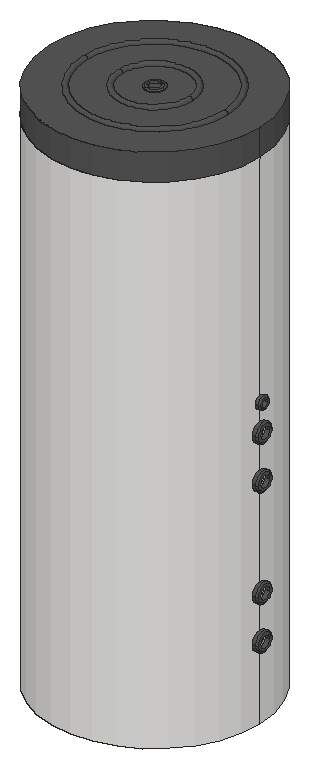
Revit family "S-tank_Solar_SS", category Оборудование, Revit 2019
Family settings
  Размер круглого соединителя = Использовать диаметр
  Классификация = Нет
  Тип детали = Нормальный
  На основе рабочей плоскости = Нет
  Всегда вертикально = Да
  При загрузке вырезать с полостями = Нет
  Общий = Нет
  Точка расчета площади = Нет
Parameters (values of type "SS Solar 300")
  Разработка семейств = "https://rubim.tech/"
  Диаметрcизоляцией = 630 mm
  shrf = 17.5 mm
  rd [instance] = Диаметрcизоляцией / 2  # 315 mm
  a = Диаметрcизоляцией / 6  # 105 mm
  M = 1345 mm
  I = 1223 mm
  H = 1600 mm
  E = 865 mm
  DN2 = 15 mm
  DN1 = 25 mm
  D = 785 mm
  C = 655 mm
  B = 355 mm
  ADSK_Примечание [instance] = ""
  ADSK_Позиция [instance] = ""
  ADSK_Обозначение = "SSSolar 300"
  ADSK_Наименование краткое [instance] = "БКН"
  ADSK_Наименование = "Бойлер косвенного нагрева"
  ADSK_Масса_Текст [instance] = ""
  ADSK_Масса = 70
  ADSK_Марка = "SS Solar 300"
  ADSK_Количество [instance] = 1  # constant formula
  ADSK_Код изделия = "2.0003"
  ADSK_Завод-изготовитель = "ООО “С-ТЭНК ВОТЕР ХИТЕРС”"
  ADSK_Единица измерения = "шт."  # constant formula
  ADSK_Группирование = "Оборудование"
  ADSK_URL документации изделия = "http://s-tank.ru/solar-ss/"
  A = 225 mm
Types (10, lengths in mm): name | Диаметрcизоляцией | rd | a | M | H | E | D | C | B | ADSK_Обозначение | ADSK_Масса | ADSK_Марка | ADSK_Код изделия | A
  SS Solar 150 | 630 | 315 | 105 | 755 | 945 | 635 | 560 | 450 | 320 | "SSSolar 150" | 51 | "SS Solar 150" | "2.0001" | 210
  SS Solar 200 | 630 | 315 | 105 | 1030 | 1220 | 715 | 640 | 520 | 340 | "SSSolar 200" | 58 | "SS Solar 200" | "2.0002" | 220
  SS Solar 300 | 630 | 315 | 105 | 1345 | 1600 | 865 | 785 | 655 | 355 | "SSSolar 300" | 70 | "SS Solar 300" | "2.0003" | 225
  SS Solar 500 | 780 | 390 | 130 | 1340 | 1605 | 820 | 740 | 610 | 350 | "SSSolar 500" | 93 | "SS Solar 500" | "2.0004" | 220
  SS Solar 750 | 920 | 460 | 153.333 | 1330 | 1630 | 740 | 660 | 530 | 340 | "SSSolar 750" | 114 | "SS Solar 750" | "2.0005" | 210
  SS Solar 1000 | 920 | 460 | 153.333 | 1915 | 2205 | 920 | 800 | 610 | 390 | "SSSolar 1000" | 145 | "SS Solar 1000" | "2.0006" | 200
  SS Solar 1200 | 1080 | 540 | 180 | 1630 | 2020 | 925 | 830 | 670 | 460 | "SSSolar 1200" | 185 | "SS Solar 1200" | "2.0007" | 300
  SS Solar 1500 | 1080 | 540 | 180 | 1980 | 2370 | 1090 | 970 | 780 | 490 | "SSSolar 1500" | 214 | "SS Solar 1500" | "2.0008" | 300
  SS Solar 2000 | 1350 | 675 | 225 | 1715 | 2100 | 1160 | 1065 | 905 | 545 | "SSSolar 2000" | 260 | "SS Solar 2000" | "2.0009" | 385
  SS Solar 3000 | 1740 | 870 | 290 | 1748 | 2210 | 1203 | 1108 | 918 | 608 | "SSSolar 3000" | 0 | "SS Solar 3000" | "2.0010" | 418
Reference planes
  plane 1 "По центру (Вперед/Назад)": y = 0
  plane 2: z = 0
  plane 3 "По центру (Влево/Вправо)": x = 0
  plane 4: z = 225
  plane 5: z = 355
  plane 6: z = 655
  plane 7: z = 785
  plane 8: z = 1600
  plane 9: x = 315
  plane 10: x = -315
  plane 11: x = 105
  plane 12: x = 210
  plane 13: y = -315
  plane 14: y = 315
  plane 15: z = 865
  plane 16: z = 1345
Forms (mm)
  Extrusion 1, solid, material "RB_Серая порошковая"
    sketch origin (0, 0, 0) x (1, 0, 0) y (0, 1, 0)
      loop
        circle (0, 0) r 315
    from 0 to 1520
  Extrusion 2, solid, material "RB_Черный пластик"
    sketch origin (0, 0, 0) x (1, 0, 0) y (0, 1, 0)
      loop
        circle (0, 0) r 315
    from 1520 to 1600
  Revolve 3, solid, material "RB_Черный пластик"
    sketch origin (0, 0, 0) x (1, 0, 0) y (0, 0, 1)
      loop
        line (97.5, 1600) -> (112.5, 1600)
        arc (112.5, 1600) -> (105, 1607.5) -> (97.5, 1600) r 7.5
      loop
        line (202.5, 1600) -> (217.5, 1600)
        arc (217.5, 1600) -> (210, 1607.5) -> (202.5, 1600) r 7.5
      axis (0, 1600) -> (0, 1601)
    angle from 0 to 360
  Extrusion 4, solid, material "Пластик синий", not visible
    sketch origin (-10, 0, 0) x (1, 0, 0) y (0, 0, 1)
      loop
        arc (-214.477, 2447.343) -> (-231.977, 2440.094) -> (-239.226, 2422.594) r 24.749
        line (-239.226, 2422.594) -> (-239.226, 2312.833)
        arc (-239.226, 2312.833) -> (-231.977, 2295.333) -> (-214.477, 2288.085) r 24.749
        line (-214.477, 2288.085) -> (236.536, 2288.085)
        arc (236.536, 2288.085) -> (254.036, 2295.333) -> (261.285, 2312.833) r 24.749
        line (261.285, 2312.833) -> (261.285, 2420.032)
        arc (261.285, 2420.032) -> (253.285, 2439.344) -> (233.974, 2447.343) r 27.311
        line (233.974, 2447.343) -> (-214.477, 2447.343)
      loop
        arc (-214.477, 2439.053) -> (-226.115, 2434.232) -> (-230.936, 2422.594) r 16.459
        line (-230.936, 2422.594) -> (-230.936, 2331.316) -> (252.994, 2331.316) -> (252.994, 2420.032)
        arc (252.994, 2420.032) -> (247.423, 2433.482) -> (233.974, 2439.053) r 19.021
        line (233.974, 2439.053) -> (-214.477, 2439.053)
      loop
        line (-115.968, 2397.309) -> (-115.968, 2379.809) -> (-65.968, 2379.809) -> (-65.968, 2397.309) -> (-115.968, 2397.309)
      loop
        line (-35.422, 2407.249) -> (-35.422, 2351.314) -> (-17.922, 2351.314) -> (-17.922, 2407.249) -> (3.349, 2407.249) -> (10.977, 2424.749) -> (-55.778, 2424.749) -> (-55.778, 2407.249) -> (-35.422, 2407.249)
      loop
        line (-4.413, 2351.314) -> (16.363, 2351.314) -> (21.205, 2358.883) -> (45.502, 2358.883) -> (45.502, 2351.314) -> (63.002, 2351.314) -> (63.002, 2377.816) -> (33.319, 2377.816) -> (45.396, 2396.692) -> (45.396, 2384.046) -> (62.896, 2384.046) -> (62.896, 2407.227)
        arc (62.896, 2407.227) -> (56.009, 2420.523) -> (41.176, 2422.567) r 16.277
        line (41.176, 2422.567) -> (-4.413, 2351.314)
      loop
        line (86.328, 2400.911) -> (116.793, 2357.872)
        arc (116.793, 2357.872) -> (128.592, 2352.604) -> (138.978, 2360.291) r 12.812
        line (138.978, 2360.291) -> (138.978, 2425.291) -> (121.478, 2425.291) -> (121.478, 2377.488) -> (92.799, 2417.763)
        arc (92.799, 2417.763) -> (79.669, 2423.404) -> (68.828, 2414.092) r 13.5
        line (68.828, 2414.092) -> (68.828, 2351.314) -> (86.328, 2351.314) -> (86.328, 2400.911)
      loop
        line (148.978, 2425.291) -> (148.978, 2351.314) -> (166.478, 2351.314) -> (166.478, 2387.9) -> (192.095, 2351.314) -> (210.407, 2351.314) -> (181.682, 2392.337) -> (202.618, 2425.291) -> (184.847, 2425.291) -> (166.478, 2396.377) -> (166.478, 2425.291) -> (148.978, 2425.291)
    from 759.938 to 875
  Extrusion 5, solid, material "Пластик красный", not visible
    sketch origin (-10, 0, 0) x (1, 0, 0) y (0, 0, 1)
      loop
        line (-183.191, 2407.249) -> (-125.538, 2407.249)
        arc (-125.538, 2407.249) -> (-123.959, 2408.615) -> (-124.451, 2410.643) r 2.004
        line (-124.451, 2410.643) -> (-138.593, 2424.749) -> (-178.435, 2424.749)
        arc (-178.435, 2424.749) -> (-183.852, 2416.825) -> (-183.191, 2407.249) r 14.627
      loop
        line (-178.104, 2401.129) -> (-146.323, 2368.814) -> (-182.715, 2368.814)
        arc (-182.715, 2368.814) -> (-184.77, 2366.956) -> (-184.098, 2364.267) r 2.693
        line (-184.098, 2364.267) -> (-171.109, 2351.314) -> (-128.051, 2351.314)
        arc (-128.051, 2351.314) -> (-118.918, 2357.483) -> (-121.231, 2368.259) r 9.845
        line (-121.231, 2368.259) -> (-153.559, 2401.129) -> (-178.104, 2401.129)
    from -875 to 875
Lines and regions (mm)
  reference lines
    curve 1: line (315, 0, 51.978) -> (315, 0, -48.022)
    curve 2: line (-315, 0, 51.978) -> (-315, 0, -88.022)
Dimensions and locks
  "H": plane 8 to plane 2
  "D": plane 7 to plane 2
  "C": plane 6 to plane 2
  "B": plane 5 to plane 2
  "A": plane 4 to plane 2
  "Диаметрcизоляцией": plane 9 to plane 10
  equal spacing: plane 9, plane 3 "По центру (Влево/Вправо)", plane 10
  "a": plane 11 to plane 3 "По центру (Влево/Вправо)"
  "a": plane 12 to plane 11
  equal spacing: Revolve 3 sketch curve, plane 11, Revolve 3 sketch curve
  equal spacing: Revolve 3 sketch curve, plane 12, Revolve 3 sketch curve
  Revolve 3 sketch curve to Revolve 3 sketch curve = 15 mm  (x2)
  "shrf": Extrusion 4 sketch curve to Extrusion 4 sketch curve  (x11)
  Extrusion 4 sketch curve to Extrusion 4 sketch curve = 15 mm  (x2)
  "shrf": Extrusion 5 sketch curve to Extrusion 5 sketch curve  (x3)
  equal spacing: plane 14, plane 1 "По центру (Вперед/Назад)", plane 13
  "Диаметрcизоляцией": plane 14 to plane 13
  locked: Extrusion 2 to plane 8 at 80
  "E": plane 15 to level
  "M": plane 16 to level
  "Диаметрcизоляцией": diameter of Extrusion 1 sketch curve
  "Диаметрcизоляцией": diameter of Extrusion 2 sketch curve
  aligned and locked: level to plane 2
  aligned and locked: Extrusion 4 sketch curve to Extrusion 4 sketch curve  (x3)
  aligned and locked: Extrusion 4 to Extrusion 5 sketch curve
  aligned and locked: Extrusion 5 sketch curve to Extrusion 4
  aligned and locked: nested 1 to plane 1 "По центру (Вперед/Назад)"
  aligned and locked: nested 2 to plane 4
  aligned and locked: nested 1 to plane 5
  aligned and locked: nested 4 to plane 6
  aligned and locked: nested 3 to plane 7
  aligned and locked: curve 1 to nested 3
  aligned and locked: curve 1 to nested 4
  aligned and locked: curve 1 to nested 1
  aligned and locked: curve 1 to nested 2
  aligned and locked: curve 1 to plane 9
  aligned and locked: nested 5 to plane 1 "По центру (Вперед/Назад)"
  aligned and locked: nested 5 to plane 8
  aligned and locked: Extrusion 2 to plane 8
  aligned and locked: Extrusion 1 to Extrusion 2
  aligned and locked: plane 15 to nested 6
  aligned and locked: curve 1 to nested 6
  aligned and locked: nested 7 to plane 16
  aligned and locked: curve 2 to nested 7
  aligned and locked: curve 2 to plane 10
  aligned and locked: curve 2 to nested 8
  aligned and locked: plane 4 to nested 8
Automatic sketch dimensions
  Extrusion 4 sketch curve to Extrusion 4 sketch curve = 0 mm  (x12)
  Extrusion 4 sketch curve to Extrusion 4 sketch curve = 8.29 mm
  Extrusion 4 sketch curve to Extrusion 4 sketch curve = 16.459 mm  (x3)
  Extrusion 4 sketch curve to Extrusion 4 sketch curve = 98.509 mm
  Extrusion 4 sketch curve to Extrusion 4 sketch curve = 50 mm
  Extrusion 4 sketch curve to Extrusion 4 sketch curve = 10.19 mm
  Extrusion 4 sketch curve to Extrusion 4 sketch curve = 20.356 mm
  Extrusion 4 sketch curve to Extrusion 4 sketch curve = 13.509 mm
  Extrusion 4 sketch curve to Extrusion 4 sketch curve = 4.843 mm
  Extrusion 4 sketch curve to Extrusion 4 sketch curve = 12.113 mm
  Extrusion 4 sketch curve to Extrusion 4 sketch curve = 30.199 mm
  Extrusion 4 sketch curve to Extrusion 4 sketch curve = 12.078 mm
  Extrusion 4 sketch curve to Extrusion 4 sketch curve = 12.183 mm
  Extrusion 4 sketch curve to Extrusion 4 sketch curve = 1.223 mm
  Extrusion 4 sketch curve to Extrusion 4 sketch curve = 5.932 mm
  Extrusion 4 sketch curve to Extrusion 4 sketch curve = 4.616 mm
  Extrusion 4 sketch curve to Extrusion 4 sketch curve = 11.087 mm
  Extrusion 4 sketch curve to Extrusion 4 sketch curve = 30.465 mm
  Extrusion 4 sketch curve to Extrusion 4 sketch curve = 4.684 mm
  Extrusion 4 sketch curve to Extrusion 4 sketch curve = 11.775 mm
  Extrusion 4 sketch curve to Extrusion 4 sketch curve = 10 mm
  Extrusion 4 sketch curve to Extrusion 4 sketch curve = 15.205 mm
  Extrusion 4 sketch curve to Extrusion 4 sketch curve = 18.369 mm
  Extrusion 4 sketch curve to Extrusion 4 sketch curve = 25.618 mm
  Extrusion 4 sketch curve to Extrusion 4 sketch curve = 17.771 mm
  Extrusion 4 sketch curve to Extrusion 4 sketch curve = 18.312 mm
  Extrusion 4 sketch curve to Extrusion 4 sketch curve = 31.356 mm
  Extrusion 4 sketch curve to Extrusion 4 sketch curve = 18.483 mm
  Extrusion 4 sketch curve to Extrusion 4 sketch curve = 38.481 mm
  Extrusion 4 sketch curve to Extrusion 4 sketch curve = 6.557 mm
  Extrusion 4 sketch curve to Extrusion 4 sketch curve = 8.977 mm
  Extrusion 4 sketch curve to Extrusion 4 sketch curve = 12.148 mm
  Extrusion 4 sketch curve to Extrusion 4 sketch curve = 28.495 mm
  Extrusion 4 sketch curve to Extrusion 4 sketch curve = 12.647 mm
  Extrusion 4 sketch curve to Extrusion 4 sketch curve = 6.316 mm
  Extrusion 4 sketch curve to Extrusion 4 sketch curve = 15.318 mm
  Extrusion 4 sketch curve to Extrusion 4 sketch curve = 9.148 mm
  Extrusion 4 sketch curve to Extrusion 4 sketch curve = 6.865 mm
  Extrusion 4 sketch curve to Extrusion 4 sketch curve = 5.259 mm
  Extrusion 4 sketch curve to Extrusion 4 sketch curve = 28.915 mm
  Extrusion 5 sketch curve to Extrusion 5 sketch curve = 0.908 mm
  Extrusion 5 sketch curve to Extrusion 5 sketch curve = 1.383 mm
  Extrusion 5 sketch curve to Extrusion 5 sketch curve = 1.904 mm
  Extrusion 5 sketch curve to Extrusion 5 sketch curve = 4.756 mm
  Extrusion 5 sketch curve to Extrusion 5 sketch curve = 5.086 mm
  Extrusion 5 sketch curve to Extrusion 5 sketch curve = 12.989 mm
  Extrusion 5 sketch curve to Extrusion 5 sketch curve = 8.698 mm
  Extrusion 5 sketch curve to Extrusion 5 sketch curve = 16.177 mm
  Extrusion 5 sketch curve to Extrusion 5 sketch curve = 24.787 mm
  Extrusion 5 sketch curve to Extrusion 5 sketch curve = 14.966 mm
  Extrusion 5 sketch curve to Extrusion 5 sketch curve = 18.272 mm
  Extrusion 5 sketch curve to Extrusion 5 sketch curve = 12.725 mm
  Extrusion 5 sketch curve to Extrusion 5 sketch curve = 0.33 mm
  Extrusion 5 sketch curve to Extrusion 5 sketch curve = 1.417 mm
  Extrusion 5 sketch curve to Extrusion 5 sketch curve = 6.82 mm
  Extrusion 5 sketch curve to Extrusion 5 sketch curve = 4.547 mm
  Extrusion 5 sketch curve to Extrusion 5 sketch curve = 1.977 mm
  Extrusion 4 sketch curve to Extrusion 4 sketch curve = 21.271 mm
  Extrusion 4 sketch curve to Extrusion 4 sketch curve = 7.628 mm
  Extrusion 4 sketch curve to Extrusion 4 sketch curve = 20.775 mm
  Extrusion 4 sketch curve to Extrusion 4 sketch curve = 26.129 mm
  Revolve 3 sketch curve to plane 3 "По центру (Влево/Вправо)" = 0 mm
  Revolve 3 sketch curve to plane 8 = 0 mm  (x2)
  Revolve 3 sketch curve to plane 8 = 100 mm
  Revolve 3 sketch curve to Revolve 3 sketch curve = 220 mm
  curve 2 to level = 88.022 mm
  curve 1 to level = 48.022 mm
  level to curve 2 = 51.978 mm
  level to curve 1 = 51.978 mm
  plane 1 "По центру (Вперед/Назад)" to Extrusion 1 sketch curve = 0 mm
  Extrusion 1 sketch curve to plane 3 "По центру (Влево/Вправо)" = 0 mm
  plane 1 "По центру (Вперед/Назад)" to Extrusion 2 sketch curve = 0 mm
  Extrusion 2 sketch curve to plane 3 "По центру (Влево/Вправо)" = 0 mm
Nested families
  nested 1: "патрубок" at (315, 0, 355) x (0, 1, 0) z (0, 0, 1), DN <- "DN1", type "патрубок"
    with ВР no, L2 15 mm, L1 30 mm, Dv 35.5 mm, Dtv 29.5 mm, Dt 33.5 mm, Dn 56.8 mm, DN 25 mm
  nested 2: "патрубок" at (315, 0, 225) x (0, 1, 0) z (0, 0, 1), DN <- "DN1", type "патрубок"
    with ВР no, L2 15 mm, L1 30 mm, Dv 35.5 mm, Dtv 29.5 mm, Dt 33.5 mm, Dn 56.8 mm, DN 25 mm
  nested 3: "патрубок" at (315, 0, 785) x (0, 1, 0) z (0, 0, 1), DN <- "DN1", type "патрубок"
    with ВР no, L2 15 mm, L1 30 mm, Dv 35.5 mm, Dtv 29.5 mm, Dt 33.5 mm, Dn 56.8 mm, DN 25 mm
  nested 4: "патрубок" at (315, 0, 655) x (0, 1, 0) z (0, 0, 1), DN <- "DN1", type "патрубок"
    with ВР no, L2 15 mm, L1 30 mm, Dv 35.5 mm, Dtv 29.5 mm, Dt 33.5 mm, Dn 56.8 mm, DN 25 mm
  nested 5: "патрубок" at (0, 0, 1589.119) x (1, 0, 0) z (0, 1, 0), DN <- "DN1", type "патрубок"
    with ВР no, L2 15 mm, L1 30 mm, Dv 35.5 mm, Dtv 29.5 mm, Dt 33.5 mm, Dn 56.8 mm, DN 25 mm
  nested 6: "патрубок" at (315, 0, 865) x (0, 1, 0) z (0, 0, 1), DN <- "DN2", type "патрубок"
    with ВР no, L2 15 mm, L1 30 mm, Dv 23.3 mm, Dtv 17.3 mm, Dt 21.3 mm, Dn 37.28 mm, DN 15 mm
  nested 7: "патрубок" at (-315, 0, 1345) x (0, 1, 0) z (0, 0, 1), DN <- "DN2", type "патрубок"
    with ВР no, L2 15 mm, L1 30 mm, Dv 23.3 mm, Dtv 17.3 mm, Dt 21.3 mm, Dn 37.28 mm, DN 15 mm
  nested 8: "патрубок" at (-315, 0, 225) x (0, 1, 0) z (0, 0, 1), type "патрубок"
    with ВР no, L2 15 mm, L1 30 mm, Dv 62 mm, Dtv 56 mm, Dt 60 mm, Dn 99.2 mm, DN 50 mm
Connectors
  piping at (0, 0, 1589.119), diameter 25, driven by "DN1"
    settings: on nested 5, index 21, connector inside diameter 609.6 mm, connector length 0 mm, flow factor 0, pipe flow 0.0 L/s, pressure drop 0.0 Pa, fitting loss kfactor 0, connector angle 0.00°, fixture units 0, engagement length 0 mm, angle of deflection 0.00°, flow configuration 0, flow direction 2, fitting loss method 0, system type 7, joint type 0, gender type 0, connector reference index -1, connector utility 0, adjustable connector no, is connector primary yes, connector description ""
  piping at (315, 0, 225), diameter 25, driven by "DN1"
    settings: on nested 2, index 22, connector inside diameter 609.6 mm, connector length 0 mm, flow factor 0, pipe flow 0.0 L/s, pressure drop 0.0 Pa, fitting loss kfactor 0, connector angle 0.00°, fixture units 0, engagement length 0 mm, angle of deflection 0.00°, flow configuration 0, flow direction 1, fitting loss method 0, system type 20, joint type 0, gender type 0, connector reference index -1, connector utility 0, adjustable connector no, is connector primary no, connector description ""
  piping at (315, 0, 355), diameter 25, driven by "DN1"
    settings: on nested 1, index 23, connector inside diameter 609.6 mm, connector length 0 mm, flow factor 0, pipe flow 0.0 L/s, pressure drop 0.0 Pa, fitting loss kfactor 0, connector angle 0.00°, fixture units 0, engagement length 0 mm, angle of deflection 0.00°, flow configuration 0, flow direction 2, fitting loss method 0, system type 8, joint type 0, gender type 0, connector reference index -1, connector utility 0, adjustable connector no, is connector primary no, connector description ""
  piping at (315, 0, 655), diameter 25, driven by "DN1"
    settings: on nested 4, index 24, connector inside diameter 609.6 mm, connector length 0 mm, flow factor 0, pipe flow 0.0 L/s, pressure drop 0.0 Pa, fitting loss kfactor 0, connector angle 0.00°, fixture units 0, engagement length 0 mm, angle of deflection 0.00°, flow configuration 0, flow direction 1, fitting loss method 0, system type 19, joint type 0, gender type 0, connector reference index -1, connector utility 0, adjustable connector no, is connector primary no, connector description ""
  piping at (315, 0, 785), diameter 25, driven by "DN1"
    settings: on nested 3, index 25, connector inside diameter 609.6 mm, connector length 0 mm, flow factor 0, pipe flow 0.0 L/s, pressure drop 0.0 Pa, fitting loss kfactor 0, connector angle 0.00°, fixture units 0, engagement length 0 mm, angle of deflection 0.00°, flow configuration 0, flow direction 1, fitting loss method 0, system type 7, joint type 0, gender type 0, connector reference index -1, connector utility 0, adjustable connector no, is connector primary no, connector description ""
  piping at (315, 0, 865), diameter 15, driven by "DN2"
    settings: on nested 6, index 26, connector inside diameter 609.6 mm, connector length 0 mm, flow factor 0, pipe flow 0.0 L/s, pressure drop 0.0 Pa, fitting loss kfactor 0, connector angle 0.00°, fixture units 0, engagement length 0 mm, angle of deflection 0.00°, flow configuration 0, flow direction 0, fitting loss method 0, system type 29, joint type 0, gender type 0, connector reference index -1, connector utility 0, adjustable connector no, is connector primary no, connector description ""
  piping at (-315, 0, 1345), diameter 15, driven by "DN2"
    settings: on nested 7, index 31, connector inside diameter 609.6 mm, connector length 0 mm, flow factor 0, pipe flow 0.0 L/s, pressure drop 0.0 Pa, fitting loss kfactor 0, connector angle 0.00°, fixture units 0, engagement length 0 mm, angle of deflection 0.00°, flow configuration 0, flow direction 0, fitting loss method 0, system type 29, joint type 0, gender type 0, connector reference index -1, connector utility 0, adjustable connector no, is connector primary no, connector description ""
Definition of nested family "патрубок"
  Parameters (values of type "патрубок")
    ВР [instance] = yes
    L2 [instance] = if(ВР, L1 + 20 mm, L1 - 15 mm)  # 50 mm
    L1 [instance] = 30 mm
    Dv [instance] = Dt + 2 mm  # 50 mm
    Dtv [instance] = Dt - 4 mm  # 44 mm
    Dt [instance] = if(DN = 15 mm, 21.3 mm, if(DN = 20 mm, 26.8 mm, if(DN = 25 mm, 33.5 mm, if(DN = 32 mm, 42.3 mm, if(DN = 40 mm, 48 mm, if(DN = 50 mm, 60 mm, 15 mm))))))  # 48 mm
    Dn [instance] = Dv * 1.6  # 80 mm
    DN [instance] = 40 mm
    2 = none
    1 = none
  Reference planes
    plane 1 "По центру (Вперед/Назад)": y = 0
    plane 2: z = 0
    plane 3 "По центру (Влево/Вправо)": x = 0
  Forms (mm)
    Extrusion 1, solid, material <- "1"
      sketch origin (0, 0, 0) x (1, 0, 0) y (0, 0, 1)
        loop
          circle (0, 0) r 40
        loop
          circle (0, 0) r 25
      from -15 to 15
    Extrusion 2, solid, material <- "2"
      sketch origin (0, 0, 0) x (1, 0, 0) y (0, 0, 1)
        loop
          circle (0, 0) r 24
        loop
          circle (0, 0) r 22
      from -15 to 35
    Sweep 3, void
      path in 3D
        loop
          arc (40, -15, 0) -> (0, -15, -40) -> (-40, -15, 0) r 40
          arc (-40, -15, 0) -> (0, -15, 40) -> (40, -15, 0) r 40
      profile origin (0, -15, 40) x (0, 0, 1) y (0, -1, 0)
        loop
          line (0, -4.119) -> (0, 0) -> (-4.119, 0) -> (0, -4.119)
  Cuts and joins
    Sweep 3 cuts Extrusion 1
  Lines and regions (mm)
    sketch lines
      curve 1: arc (-40, -15, 0) -> (0, -15, 40) -> (40, -15, 0) r 40
      curve 2: arc (40, -15, 0) -> (0, -15, -40) -> (-40, -15, 0) r 40
  Dimensions and locks
    "L1": Extrusion 1 to Extrusion 1
    equal spacing: Extrusion 1, plane 1 "По центру (Вперед/Назад)", Extrusion 1
    "L2": Extrusion 1 to Extrusion 2
    "Dn": diameter of Extrusion 1 sketch curve
    "Dv": diameter of Extrusion 1 sketch curve
    "Dt": diameter of Extrusion 2 sketch curve
    "Dtv": diameter of Extrusion 2 sketch curve
    locked: profile plane to Sweep 3 sketch curve (angle 45.00°)
    aligned and locked: level to plane 2
    aligned and locked: Extrusion 1 to Extrusion 2
    aligned and locked: Sweep 3 sketch curve to profile plane
    aligned and locked: profile plane to Sweep 3 sketch curve
  Automatic sketch dimensions
    profile plane to Sweep 3 sketch curve = 4.119 mm
    Extrusion 1 sketch curve to Extrusion 1 sketch curve = 0 mm  (x2)
    Extrusion 1 sketch curve to level = 0 mm
    Extrusion 1 sketch curve to plane 3 "По центру (Влево/Вправо)" = 0 mm
    Extrusion 2 sketch curve to Extrusion 2 sketch curve = 0 mm  (x2)
    Extrusion 2 sketch curve to level = 0 mm
    Extrusion 2 sketch curve to plane 3 "По центру (Влево/Вправо)" = 0 mm
